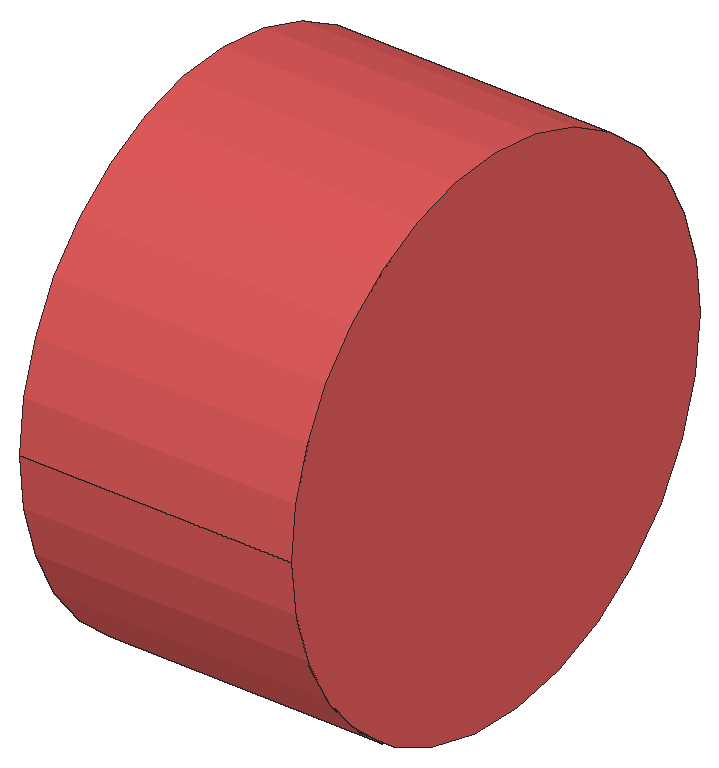
Revit family "Pam_Luvas", category Pipe Fittings, Revit 2025
Family settings
  Round Connector Dimension = Use Diameter
  Part Type = Union
  Work Plane-Based = No
  Always vertical = No
  Cut with Voids When Loaded = No
  Shared = Yes
Parameters
  Tabela [instance] = "Duc_JGS_Luvas"
  Nominal Radius [instance] = Nominal Diameter / 2  # 150.0 mm
  Nominal Diameter [instance] = 300.0 mm
  Material_Conexao = FoFo_PAM
  Manufacturer = "SGC"
  Loss Method = Not Defined
  K Coefficient Table = "Tee"
  EK7 [instance] = size_lookup(Tabela, "EK7", 5.2 mm, Nominal Diameter)  # 5.7 mm
  Description = "Luvas com Bolsas"
  Default Elevation = 0.0 mm
  Corpo_R1 [instance] = (size_lookup(Tabela, "Bolsa_DE", 54.2 mm, Nominal Diameter) / 2) + EK7  # 168.7 mm
  Corpo_L [instance] = size_lookup(Tabela, "Corpo_L", 160.0 mm, Nominal Diameter)  # 180.0 mm
  Angle [instance] = 0.00°
Reference planes
  plane 1 "Center (Front/Back)": y = 0
  plane 2: z = 0
  plane 3 "Center (Left/Right)": x = 468.25
  plane 4 "EE": x = 378.25
  plane 5 "ED": x = 558.25
Forms (mm)
  Sweep 1, solid, material "FoFo_PAM" <- "Material_Conexao"
    path origin (0, 0, 0) x (1, 0, 0) y (0, 1, 0)
      loop
        line (378.25, 0) -> (558.25, 0)
    profile origin (468.25, 0, 0) x (0, 1, 0) y (0, 0, 1)
      loop
        circle (0, 0) r 168.7
  Sweep 2, solid, material "FoFo_PAM" <- "Material_Conexao"
    path origin (0, 0, 0) x (1, 0, 0) y (0, -1, 0)
      loop
        line (378.25, 0) -> (558.25, 0)
    profile origin (468.25, 0, 0) x (0, 1, 0) y (0, 0, 1)
      loop
        circle (0, 0) r 168.7
Dimensions and locks
  "Corpo_L": plane 4 "EE" to plane 5 "ED"
  equal spacing: plane 4 "EE", plane 3 "Center (Left/Right)", plane 5 "ED"
  "Corpo_R1": radius of Sweep 1 sketch curve
  "Corpo_R1": radius of Sweep 2 sketch curve
  aligned and locked: plane 1 "Center (Front/Back)" to Sweep 1 sketch curve
  aligned and locked: plane 5 "ED" to Sweep 1 sketch curve
  aligned and locked: plane 4 "EE" to Sweep 1 sketch curve
Automatic sketch dimensions
  plane 1 "Center (Front/Back)" to Sweep 2 sketch curve = 0.0 mm
  Sweep 2 sketch curve to plane 4 "EE" = 0.0 mm
  Sweep 2 sketch curve to plane 5 "ED" = 0.0 mm
  Sweep 1 sketch curve to level = 0.0 mm
  Sweep 1 sketch curve to profile plane = 0.0 mm
  Sweep 2 sketch curve to level = 0.0 mm
  Sweep 2 sketch curve to profile plane = 0.0 mm
Connectors
  piping at (558.25, 0, 0), diameter 300, driven by "Nominal Diameter", driven by "Angle"
    settings: on Sweep 1, index 1, connector inside diameter 609.6 mm, connector length 0.0 mm, flow factor 0, pipe flow 0 L/s, pressure drop 0.00 psi, fitting loss kfactor 0, connector angle 0.00°, fixture units 0, engagement length 0.0 mm, angle of deflection 0.00°, flow configuration 0, flow direction 0, fitting loss method 0, system type 28, joint type 0, gender type 0, connector reference index -1, connector utility 0, adjustable connector no, is connector primary yes, connector description ""
  piping at (378.25, 0, 0), diameter 300, driven by "Nominal Diameter", driven by "Angle"
    settings: on Sweep 1, index 2, connector inside diameter 609.6 mm, connector length 0.0 mm, flow factor 0, pipe flow 0 L/s, pressure drop 0.00 psi, fitting loss kfactor 0, connector angle 0.00°, fixture units 0, engagement length 0.0 mm, angle of deflection 0.00°, flow configuration 0, flow direction 0, fitting loss method 0, system type 28, joint type 0, gender type 0, connector reference index -1, connector utility 0, adjustable connector no, is connector primary no, connector description ""
